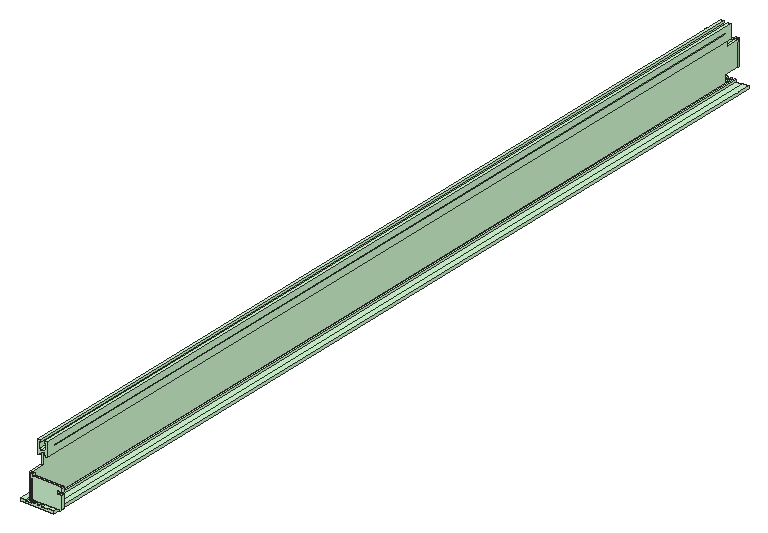
Revit family "et4025_cross_640", category 機械設備, Revit 2022
Family settings
  丸型コネクタ寸法 = 直径を使用
  種別 = なし
  パーツ タイプ = 標準
  作業面ベース = いいえ
  常に垂直 = はい
  ロード時にボイドで切り取り = いいえ
  注釈の向きを維持 = いいえ
  共有 = いいえ
  部屋計算ポイント = いいえ
Parameters
  製造元 = "株式会社桐井製作所"
  既定の高さ = 0 mm
  URL = "https://www.kirii.co.jp/"
  K_長さ(mm) = 640 mm
  K_材質 = "溶融亜鉛めっき鋼板及び鋼帯SGCC 一般用　カラー鋼板"
  K_品名 = "eTバー4025クロス(640グリッド用)"
  K_名称 = "Tバー"
  K_入数 = "25"
  K_バージョン情報 = "20220915"
  K_めっき付着量 = "JIS G 3302 Z12、カラー鋼板　塗装膜厚20μ(白色)"
  K_JIS規格 = "JIS G 3302"
Reference planes
  plane 1 "中心(正面/背面)": y = 0
  plane 2: z = 0
  plane 3 "中心(左/右)": x = 0
  plane 4: y = 640
Forms (mm)
  Extrusion 1, solid
    sketch origin (0, -1320, 7.1) x (-1, 0, 0) y (0, 0, 1)
      loop
        line (0.65, 26.539) -> (2.4, 24.9) -> (3.5, 24.9) -> (3.5, 34.9) -> (1.403, 34.9) -> (1.403, 33.4) -> (2.203, 33.4) -> (2.141, 29.141) -> (1.059, 28.059) -> (-0.917, 28) -> (-2.141, 29.141) -> (-2.203, 33.4) -> (-1.403, 33.4) -> (-1.403, 34.9) -> (-3.5, 34.9) -> (-3.5, 24.9) -> (-2.4, 24.9) -> (-0.65, 26.539) -> (-0.65, -5.1) -> (-2.488, -5.1) -> (-2.488, -4.3) -> (-3.5, -4.3) -> (-3.5, -5.9) -> (-8.5, -5.9) -> (-8.5, -5.1) -> (-12.5, -5.1) -> (-12.5, -7.1) -> (12.5, -7.1) -> (12.5, -5.1) -> (8.5, -5.1) -> (8.5, -5.9) -> (3.5, -5.9) -> (3.5, -4.3) -> (2.488, -4.3) -> (2.488, -5.1) -> (0.65, -5.1) -> (0.65, 26.539)
    from 1320 to 1960
  Extrusion 2, void
    sketch origin (0, 0, 0) x (0, 1, 0) y (0, 0, 1)
      loop
        line (5, 41.941) -> (0, 41.941) -> (0, 25.9) -> (5, 25.9) -> (5, 41.941)
    from -3.77 to 3.77
  Extrusion 3, solid
    sketch origin (-0.114, 0, 16.166) x (1, 0, 0) y (0, 1, 0)
      loop
        line (24.214, -7.2) -> (24.214, -5.9) -> (1.464, -5.9)
        arc (1.464, -5.9) -> (0.969, -5.695) -> (0.764, -5.2) r 0.7
        line (0.764, -5.2) -> (0.764, 0) -> (-0.536, 0) -> (-0.536, -5.2)
        arc (-0.536, -5.2) -> (0.05, -6.614) -> (1.464, -7.2) r 2
        line (1.464, -7.2) -> (24.214, -7.2)
    from -8.353 to 9.734
  Extrusion 4, void
    sketch origin (0, 0, -7.234) x (1, 0, 0) y (0, 0, 1)
      loop
        line (2.6, 31.999) -> (23.1, 31.999)
        arc (23.1, 31.999) -> (23.807, 31.706) -> (24.1, 30.999) r 1
        line (24.1, 30.999) -> (24.1, 33.134) -> (2.6, 33.134) -> (2.6, 31.999)
    from 5.9 to 7.2
  Extrusion 5, void
    sketch origin (0, 0, -7.234) x (1, 0, 0) y (0, 0, 1)
      loop
        line (24.1, 26.599) -> (24.1, 28.599) -> (21.1, 28.599) -> (21.1, 26.599) -> (24.1, 26.599)
    from 5.9 to 7.2
  Extrusion 6, void
    sketch origin (0, 0, 0) x (0, 1, 0) y (0, 0, 1)
      loop
        line (6.9, 7.813) -> (0, 7.813) -> (0, 2.8) -> (6.9, 2.8) -> (6.9, 7.813)
    from -0.65 to 0.65
  Extrusion 7, void
    sketch origin (0, -13.6, -8.031) x (1, 0, 0) y (0, 0, -1)
      loop
        line (24.1, -15.844) -> (2.6, -15.844) -> (2.6, -16.999) -> (22.1, -16.999)
        arc (22.1, -16.999) -> (23.231, -17.237) -> (24.1, -17.999) r 2.28
        line (24.1, -17.999) -> (24.1, -15.844)
    from 6.4 to 7.7
  Extrusion 8, void
    sketch origin (0, 640, 0) x (0, -1, 0) y (0, 0, -1)
      loop
        line (5, -41.941) -> (5, -25.737) -> (0, -25.737) -> (0, -41.941) -> (5, -41.941)
    from -3.77 to 3.77
  Extrusion 9, void
    sketch origin (0, 640, 0) x (0, -1, 0) y (0, 0, -1)
      loop
        line (6.9, -7.833) -> (6.9, -2.8) -> (0, -2.8) -> (0, -7.833) -> (6.9, -7.833)
    from -0.65 to 0.65
  Extrusion 10, solid
    sketch origin (0.114, 640, 16.166) x (-1, 0, 0) y (0, -1, 0)
      loop
        line (24.214, -7.2) -> (24.214, -5.9) -> (1.464, -5.9)
        arc (1.464, -5.9) -> (0.969, -5.695) -> (0.764, -5.2) r 0.7
        line (0.764, -5.2) -> (0.764, 0) -> (-0.536, 0) -> (-0.536, -5.2)
        arc (-0.536, -5.2) -> (0.05, -6.614) -> (1.464, -7.2) r 2
        line (1.464, -7.2) -> (24.214, -7.2)
    from -8.334 to 9.571
  Extrusion 11, void
    sketch origin (0, 640, -7.234) x (-1, 0, 0) y (0, 0, 1)
      loop
        line (24.1, 26.599) -> (24.1, 28.599) -> (21.1, 28.599) -> (21.1, 26.599) -> (24.1, 26.599)
    from 5.9 to 7.2
  Extrusion 12, void
    sketch origin (0, 640, -8.099) x (-1, 0, 0) y (0, 0, 1)
      loop
        line (24.1, 15.931) -> (24.1, 17.999)
        arc (24.1, 17.999) -> (23.231, 17.237) -> (22.1, 16.999) r 2.28
        line (22.1, 16.999) -> (2.6, 16.999) -> (2.6, 15.931) -> (24.1, 15.931)
    from 5.9 to 7.2
  Extrusion 13, void
    sketch origin (0, 653.6, -7.396) x (-1, 0, 0) y (0, 0, -1)
      loop
        line (2.6, -31.999) -> (2.6, -33.134) -> (24.1, -33.134) -> (24.1, -30.999)
        arc (24.1, -30.999) -> (23.807, -31.706) -> (23.1, -31.999) r 1
        line (23.1, -31.999) -> (2.6, -31.999)
    from 6.4 to 7.7
Cuts and joins
  Extrusion 2, Extrusion 6, Extrusion 7, Extrusion 8, Extrusion 9 cuts Extrusion 1
  Extrusion 4, Extrusion 5, Extrusion 7 cuts Extrusion 3
  Extrusion 11, Extrusion 12, Extrusion 13 cuts Extrusion 10
  joined: Extrusion 1, Extrusion 3, Extrusion 10
Dimensions and locks
  aligned and locked: level to plane 2
  aligned and locked: plane 4 to Extrusion 1
